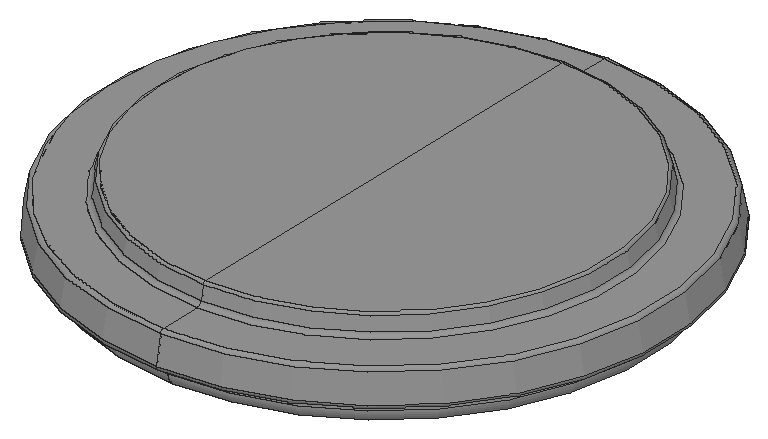
Revit family "FMK12_63_UN_Surface-mounted_ETK", category Lighting Fixtures, Revit 2017 (continued)
Definition of nested family "FMK.1 - Lightsource"
  Types (13, lengths in mm): name | Wattage Comments | Photometric Web File | built-in parameter 1150142 | Apparent Load
      5.4487\r\n276.7221\t257.9909\t237.4332\t217.2268\t197.2976\t177.8843\t157.7872\t138.6506\t119.9505\t100.9249\r\n82.987\t66.0677\t14.47\t0\t0\t0\r\n604.9325\t604.5584\t603.0879\t601.1508\t598.5185\t594.9186\t590.6391\t585.3751\t579.3165\t572.4837\r\n564.9469\t556.5987\t547.5194\t537.685\t527.3395\t516.7057\t504.9047\t492.1707\t478.1271\t463.8484\r\n448.9665\t433.7524\t417.9986\t401.8529\t385.1715\t368.3446\t351.4028\t333.147\t313.7228\t294.4856\r\n275.2731\t256.1445\t237.316\t216.8492\t196.4747\t176.5442\t157.2377\t137.5478\t118.9004\t100.3985\r\n82.3134\t65.4455\t55.1323\t0\t0\t0\r\n604.9325\t604.5433\t603.3225\t601.1064\t598.4354\t594.7731\t590.3173\t585.098\t579.0797\t572.1766\r\n564.6071\t556.1859\t547.081\t537.2398\t526.6482\t515.4957\t503.7296\t491.745\t478.4953\t464.4776\r\n448.9829\t433.6134\t417.6598\t401.2469\t384.1387\t366.9918\t349.3881\t331.6485\t313.6629\t294.2241\r\n274.5265\t254.9012\t235.3516\t216.0467\t196.5265\t175.8547\t156.0522\t137.0014\t117.7749\t99.6932\r\n81.7729\t64.8345\t49.3378\t0\t0\t0\r\n604.9325\t604.5271\t603.3032\t601.0701\t598.3654\t594.6491\t590.1215\t584.7542\t578.8145\t571.898\r\n564.2988\t555.7883\t546.6569\t536.7664\t526.1773\t514.9361\t502.9375\t490.4265\t477.2784\t464.0283\r\n449.3533\t434.0958\t417.8096\t401.016\t383.7266\t366.2957\t348.4007\t330.2839\t311.8195\t293.1788\r\n274.555\t254.527\t234.348\t214.5879\t194.928\t175.8985\t155.5638\t135.8975\t117.155\t98.5499\r\n81.2595\t64.2084\t48.8598\t7.0657\t0\t0\r\n604.9325\t604.5096\t603.2784\t601.0424\t598.3097\t594.5477\t589.9606\t584.5414\t578.4482\t571.608\r\n563.9594\t555.3996\t546.2593\t536.3041\t525.6497\t514.3962\t502.4141\t489.7664\t476.4029\t462.5786\r\n448.0398\t433.0915\t418.0577\t401.3922\t384.1366\t366.1992\t348.0979\t329.6668\t310.9131\t291.9004\r\n272.744\t253.4824\t234.1877\t214.0316\t193.775\t173.9598\t154.8443\t135.6589\t116.2289\t97.8298\r\n80.0295\t63.4921\t48.2305\t34.936\t0\t0\r\n604.9325\t604.4906\t603.2478\t601.2803\t598.2688\t594.4695\t589.8358\t584.3814\t578.2247\t571.2493\r\n563.5271\t555.0451\t545.8679\t535.8603\t525.1757\t513.8836\t501.871\t489.1433\t475.8417\t461.8368\r\n447.2679\t432.0274\t416.5009\t400.0073\t383.2616\t366.3726\t348.5214\t330.0774\t310.8253\t291.5128\r\n272.035\t252.2821\t232.6407\t212.8798\t193.2781\t173.4395\t153.4804\t134.3364\t116.0668\t97.2\r\n79.2416\t62.4646\t47.4631\t33.5133\t0\t0\r\n604.9325\t604.4703\t603.2116\t601.2411\t598.5166\t594.4157\t589.7477\t584.274\t578.0648\t571.0564\r\n563.2525\t554.6583\t545.4211\t535.3541\t524.7361\t513.4205\t501.3551\t488.6147\t475.2745\t461.193\r\n446.5744\t431.3412\t415.6511\t399.1668\t382.278\t364.8935\t347.109\t328.9881\t310.4447\t291.7072\r\n272.4757\t252.2606\t232.2751\t212.1161\t191.9979\t172.222\t152.6751\t133.6736\t114.4712\t96.2985\r\n79.2\t61.7213\t46.3352\t30.5861\t2.7832\t0\r\n604.9325\t604.4487\t603.1693\t601.1876\t598.4603\t594.6385\t589.9678\t584.5139\t577.9711\t570.9456\r\n563.0797\t554.4745\t545.1762\t535.0443\t524.3111\t512.96\t500.8221\t488.1002\t474.7163\t460.6519\r\n445.9947\t430.7439\t414.9606\t398.5261\t381.5143\t364.1378\t346.2393\t328.0457\t309.3298\t290.2564\r\n271.0121\t251.3312\t231.6882\t211.9743\t192.2844\t172.4111\t152.2798\t132.702\t113.7176\t95.3929\r\n77.7571\t61.1156\t45.5789\t26.7123\t15.0206\t0\r\n604.9325\t604.4257\t603.1214\t601.1197\t598.376\t594.5431\t589.8686\t584.4373\t578.1813\t571.1696\r\n563.2668\t554.6915\t545.3505\t535.1843\t524.1648\t512.8008\t500.5868\t487.89\t474.4515\t460.278\r\n445.5862\t430.3323\t414.5182\t397.9934\t380.8221\t363.4557\t345.5267\t327.2817\t308.5319\t289.4587\r\n270.127\t250.3982\t230.6065\t210.7975\t190.5506\t170.8379\t151.2851\t132.0397\t113.3713\t95.4283\r\n77.5355\t60.4175\t45.5245\t22.783\t11.8877\t0\r\n604.9325\t604.4014\t603.0678\t601.0376\t598.264\t594.4044\t589.7068\t584.2658\t577.9867\t570.9757\r\n563.0442\t554.4872\t545.1275\t534.9651\t524.2246\t512.882\t500.6187\t487.9897\t474.5344\t460.3474\r\n445.6646\t430.439\t414.623\t398.0399\t380.7488\t363.3986\t345.4701\t327.1757\t308.3973\t289.2412\r\n269.9199\t250.2091\t230.3921\t210.5042\t190.5692\t170.6931\t151.1594\t131.7673\t112.9299\t94.5881\r\n76.9076\t60.112\t45.0279\t27.0286\t9.6311\t7.6483\r\n604.9325\t604.3759\t603.0084\t600.9412\t598.124\t594.2226\t589.4823\t583.9989\t577.6703\t570.6249\r\n562.6312\t554.0383\t544.615\t534.4128\t523.3303\t511.8827\t499.6032\t486.8945\t473.379\t459.1716\r\n444.447\t429.1313\t413.2983\t396.6863\t379.4714\t362.0792\t344.0455\t325.7707\t306.8732\t287.9397\r\n268.4905\t248.7792\t228.9235\t208.976\t188.8762\t169.0915\t149.5412\t130.307\t111.7095\t93.7095\r\n75.8594\t58.8926\t44.026\t24.9142\t12.7626\t0\r\n604.9325\t604.3491\t602.9434\t600.8307\t597.9567\t593.9983\t589.1954\t583.6374\t576.9499\t569.8568\r\n561.8084\t553.1696\t543.7065\t533.5014\t522.6434\t511.1217\t498.8636\t486.1079\t472.5802\t458.4416\r\n443.7228\t428.3584\t412.519\t395.9142\t378.8014\t361.382\t343.2832\t325.0317\t306.0946\t287.1683\r\n267.7345\t248.067\t228.3349\t208.5719\t188.922\t168.9512\t148.8897\t129.3596\t110.4457\t92.1897\r\n74.6666\t58.1911\t43.6041\t25.4889\t14.7118\t0\r\n604.9325\t604.321\t602.8732\t600.7066\t597.7625\t593.4555\t588.5912\t582.9617\t576.5349\t569.4237\r\n561.3509\t552.699\t543.2196\t533.0344\t522.242\t510.6583\t498.432\t485.6232\t472.085\t457.8674\r\n443.1238\t427.7399\t411.9617\t395.2552\t378.1904\t360.685\t342.6792\t324.4805\t305.7442\t286.9867\r\n267.5493\t247.3236\t227.2422\t207.0117\t186.8984\t167.1289\t147.607\t128.6542\t109.6219\t91.5686\r\n74.5654\t57.4716\t43.021\t27.7846\t2.5248\t0\r\n604.9325\t604.2919\t602.7977\t600.5691\t597.2642\t593.1928\t588.2942\t582.6298\t576.1886\t569.0731\r\n561.0018\t552.4381\t542.9442\t532.7591\t521.8457\t510.2154\t497.9723\t485.1383\t471.6045\t457.3841\r\n442.6041\t427.217\t411.5012\t394.7803\t377.8035\t360.7021\t342.6902\t324.0667\t304.5578\t285.154\r\n265.5148\t245.6447\t225.9156\t206.0001\t186.3854\t166.628\t146.7681\t127.7474\t109.5852\t91.0031\r\n73.2615\t56.8556\t42.3856\t28.9154\t0\t0\r\n604.9325\t604.2617\t602.7174\t600.1575\t597.0585\t592.9572\t588.0346\t582.3501\t575.91\t568.8992\r\n560.8225\t552.1243\t542.5982\t532.4005\t521.4708\t509.8288\t497.5519\t484.7125\t471.1209\t456.9536\r\n442.2012\t427.0651\t411.7943\t394.8578\t377.2968\t359.0608\t340.7356\t322.097\t303.0689\t283.9286\r\n264.5951\t245.1465\t225.7535\t205.5061\t185.2214\t165.5278\t146.4993\t127.474\t108.2339\t90.109\r\n72.5842\t56.4938\t42.1707\t29.3631\t0\t0\r\n604.9325\t604.2306\t602.6322\t600.0115\t596.8707\t592.7484\t587.812\t582.1232\t575.7826\t568.6374\r\n560.5537\t551.8047\t542.2444\t532.0161\t521.1001\t509.4521\t497.1336\t484.3221\t470.9094\t457.2702\r\n442.3573\t426.8157\t410.175\t393.076\t375.4255\t357.6573\t339.5612\t321.1252\t302.4491\t283.5515\r\n264.6943\t244.5977\t224.3093\t204.516\t184.8175\t165.8131\t145.6325\t126.1903\t107.6436\t89.3056\r\n72.2152\t56.2192\t41.802\t5.8477\t0\t0\r\n604.9325\t604.1984\t602.5428\t599.8759\t596.7009\t592.5661\t587.6259\t582.0288\t575.5588\t568.3431\r\n560.3078\t551.4936\t541.918\t531.6799\t520.6784\t509.0807\t497.0071\t484.619\t471.0275\t456.5955\r\n440.7773\t424.9147\t408.6153\t391.9435\t374.3648\t356.8729\t339.0738\t320.888\t302.7006\t282.9652\r\n263.1976\t243.4392\t223.6803\t204.304\t184.8139\t164.2859\t144.6019\t125.6638\t106.7368\t88.9169\r\n71.7798\t55.8455\t41.2336\t0\t0\t0\r\n604.9325\t604.1654\t602.1984\t599.751\t596.5492\t592.4098\t587.5663\t581.8713\t575.3548\t568.0817\r\n560.0442\t551.1829\t541.6018\t531.3184\t520.4884\t509.3827\t497.2815\t484.0025\t469.5392\t454.8807\r\n439.5116\t423.7455\t407.6028\t391.162\t373.9279\t356.7322\t339.4153\t320.7873\t301.2671\t281.7589\r\n262.378\t243.017\t224.0712\t203.4907\t183.2079\t163.3375\t144.1874\t124.7147\t106.2756\t88.4044\r\n71.2995\t55.37\t44.7197\t0\t0\t0\r\n604.9325\t604.1317\t602.1129\t599.6372\t596.4157\t592.3859\t587.3951\t581.6922\t575.1349\t567.8233\r\n559.7735\t550.7814\t541.2689\t531.1872\t520.8219\t509.1315\t496.4226\t482.3474\t468.3274\t453.7764\r\n438.603\t423.039\t407.124\t390.762\t374.0304\t356.955\t338.1426\t319.2702\t300.2728\t281.2389\r\n262.2388\t243.2836\t222.6194\t202.306\t182.3924\t163.035\t143.1366\t124.1994\t105.8336\t87.7967\r\n70.7723\t54.7046\t11.5599\t0\t0\t0\r\n604.9325\t604.0975\t602.033\t599.5342\t596.3004\t592.2404\t587.2388\t581.5154\t574.9143\t567.569\r\n559.3901\t550.5552\t541.2123\t531.4748\t520.4156\t507.8107\t494.859\t481.3089\t467.3975\t452.9318\r\n438.0372\t422.7691\t407.025\t391.0991\t373.8573\t355.346\t337.0135\t318.5296\t299.8812\t281.2909\r\n262.3027\t241.7297\t221.4854\t201.617\t182.1371\t161.9674\t142.593\t123.9131\t105.1305\t87.2021\r\n70.1622\t53.9551\t0\t0\t0\t0\r\n604.9325\t604.0626\t601.9588\t599.4427\t596.3201\t592.1193\t587.0871\t581.3395\t574.6941\t567.3193\r\n559.1974\t550.477\t541.5473\t530.9977\t519.0905\t506.765\t493.8707\t480.5702\t466.7289\t452.4544\r\n437.8106\t422.7648\t407.3444\t389.987\t372.3299\t354.4291\t336.4151\t318.2804\t300.3326\t281.1384\r\n260.7211\t240.7052\t221.0093\t201.4727\t181.0539\t161.3248\t142.3279\t123.1598\t104.4957\t86.6464\r\n69.558\t57.7051\t0\t0\t0\t0\r\n604.9325\t604.0272\t601.8904\t599.3882\t596.237\t592.0006\t586.9406\t581.1632\t574.4747\t566.9997\r\n559.073\t550.8158\t541.1454\t529.7416\t518.149\t505.9054\t493.157\t480.018\t466.3384\t452.3643\r\n437.9112\t422.9979\t406.1187\t388.9214\t371.496\t353.9348\t336.2188\t318.724\t299.4663\t279.56\r\n259.8369\t240.2784\t220.9329\t200.4813\t180.3908\t160.9421\t141.6885\t122.4909\t103.9808\t86.1452\r\n68.9426\t35.5201\t0\t0\t0\t0\r\n604.9325\t603.9917\t601.8278\t599.3206\t596.1556\t591.8844\t586.7978\t580.9865\t574.1458\t566.8553\r\n559.4036\t550.5172\t539.9315\t528.8512\t517.367\t505.2617\t492.6816\t479.6991\t466.2194\t452.4751\r\n438.05\t421.6244\t405.0853\t388.1373\t371.032\t353.8353\t336.757\t317.784\t298.2127\t278.7079\r\n259.3309\t240.3321\t219.939\t199.6844\t179.9696\t160.7126\t140.9902\t121.943\t103.488\t85.6436\r\n68.3574\t0\t0\t0\t0\t0\r\n604.9325\t603.9559\t601.7714\t599.2628\t596.0752\t591.771\t586.6658\t580.8024\t573.989\t566.7804\r\n559.2504\t549.8741\t539.0878\t528.1304\t516.7365\t504.7959\t492.3897\t479.5813\t466.3433\t452.6497\r\n436.8272\t420.6891\t404.3399\t387.7338\t370.9749\t354.3891\t335.8421\t316.6009\t297.4159\t278.2527\r\n259.3978\t239.328\t219.0886\t199.1929\t179.808\t159.923\t140.4269\t121.457\t103.048\t85.1848\r\n73.7131\t0\t0\t0\t0\t0\r\n604.9325\t603.6792\t601.7517\t599.3411\t595.9954\t591.6566\t586.5673\t580.5284\t573.8931\t567.1365\r\n558.8682\t548.733\t538.4005\t527.5784\t516.2664\t504.4955\t492.3035\t479.6753\t466.706\t451.4882\r\n436.0948\t420.0364\t403.9109\t387.6235\t371.4864\t353.8754\t334.7111\t315.7739\t296.8941\t278.1566\r\n258.9491\t238.4036\t218.4493\t198.8345\t179.1952\t159.3202\t139.916\t121.0317\t102.6407\t84.7143\r\n55.9271\t0\t0\t0\t0\t0\r\n604.9325\t603.6444\t601.7066\t599.2965\t595.915\t591.5536\t586.4411\t580.3913\t573.8543\t566.9618\r\n558.2996\t548.0726\t537.8747\t527.1113\t515.9263\t504.3672\t492.3683\t480.1405\t465.7028\t450.6329\r\n435.3552\t419.8082\t403.764\t387.8078\t371.2229\t352.4897\t333.8151\t315.2532\t296.7183\t278.1081\r\n257.8104\t237.7622\t218.0438\t198.6801\t178.511\t158.7677\t139.4922\t120.6463\t102.238\t84.2517\r\n9.0057\t0\t0\t0\t0\t0\r\n604.9325\t603.6112\t601.6661\t599.2512\t595.8331\t591.4531\t586.3125\t580.2933\t574.2613\t566.6412\r\n557.2567\t547.549\t537.3916\t526.7388\t515.7334\t504.3886\t492.9019\t479.7342\t464.8479\t450.0077\r\n434.9476\t419.8855\t404.0538\t388.151\t369.9169\t351.5873\t333.3553\t314.9504\t296.9003\t276.9796\r\n257.0176\t237.3436\t217.8318\t197.9694\t177.9387\t158.3111\t139.083\t120.2864\t101.8575\t92.1859\r\n0\t0\t0\t0\t0\t0\r\n604.9325\t603.5799\t601.6303\t599.2045\t595.7076\t591.3592\t586.075\t580.2215\t574.1924\t566.1884\r\n556.6737\t547.074\t536.9561\t526.5217\t515.6669\t504.5312\t492.7859\t478.611\t464.16\t449.5853\r\n434.7567\t419.7662\t405.0918\t387.0371\t369.0209\t351.0423\t333.0336\t315.092\t295.9783\t276.1604\r\n256.4894\t237.0057\t217.711\t197.3492\t177.4313\t157.8872\t138.7311\t119.935\t101.4702\t81.0181\r\n0\t0\t0\t0\t0\t0\r\n604.9325\t603.5503\t601.5987\t599.1561\t595.626\t591.2727\t585.9368\t580.2006\t574.0102\t565.255\r\n556.1655\t546.6769\t536.6806\t526.4567\t515.7097\t505.0175\t491.8244\t477.8494\t463.7019\t449.2876\r\n434.7564\t420.4081\t404.4637\t386.432\t368.4467\t350.6538\t332.9546\t315.1229\t295.2701\t275.5419\r\n256.1209\t237.0123\t216.9386\t196.7955\t177.0266\t157.531\t138.3961\t119.5772\t101.0781\t55.7879\r\n0\t0\t0\t0\t0\t0\r\n604.9325\t603.5226\t601.5713\t599.1055\t595.5514\t591.1944\t585.8477\t580.6059\t573.7272\t564.7673\r\n555.7208\t546.3592\t536.5629\t526.4185\t515.8861\t504.7419\t491.1491\t477.3368\t463.4233\t449.1905\r\n434.8749\t420.3926\t403.0738\t385.7604\t368.1941\t350.5999\t333.2448\t314.0673\t294.5401\t275.2079\r\n255.9181\t236.731\t216.3242\t196.3167\t176.6088\t157.1902\t138.0919\t119.2663\t100.7128\t7.9096\r\n0\t0\t0\t0\t0\t0\r\n604.9325\t603.5024\t601.5477\t599.0027\t595.4844\t591.1564\t585.7889\t580.586\t573.3397\t564.3588\r\n555.3625\t546.1066\t536.4848\t526.4232\t516.46\t503.7313\t490.508\t476.9971\t463.1504\t449.3158\r\n435.4961\t419.3363\t402.3059\t385.1301\t368.0536\t350.6767\t333.0603\t313.3187\t294.0528\t274.8627\r\n256.0518\t236.014\t215.808\t195.9092\t176.2577\t156.8869\t137.7744\t118.924\t107.573\t0\r\n0\t0\t0\t0\t0\t0\r\n604.9325\t603.478\t601.5279\t598.9535\t595.4258\t591.0829\t585.7607\t580.4663\t572.4844\t563.9941\r\n555.0829\t545.9216\t536.4706\t526.6157\t516.2842\t503.1403\t489.9858\t476.7762\t463.1632\t449.3988\r\n435.4082\t418.4666\t401.6939\t384.809\t367.7873\t351.0202\t332.0189\t312.8252\t293.7031\t274.7409\r\n255.7909\t235.4313\t215.3913\t195.5619\t175.9593\t156.6095\t137.5086\t118.6259\t93.5654\t0\r\n0\t0\t0\t0\t0\t0\r\n604.9325\t603.4551\t601.5115\t598.9106\t595.3758\t590.8939\t585.7709\t580.2702\t572.0798\t563.6729\r\n554.8743\t545.7915\t536.5093\t527.239\t515.7758\t502.6755\t489.6308\t476.5517\t463.3214\t450.0742\r\n434.4062\t417.8556\t401.204\t384.5694\t367.8901\t350.6145\t331.3568\t312.4071\t293.4519\t274.8857\r\n255.1354\t234.9506\t214.9788\t195.2372\t175.7164\t156.3939\t137.2684\t118.3542\t70.2991\t0\r\n0\t0\t0\t0\t0\t0\r\n604.9325\t603.4339\t601.4981\t598.8743\t595.3693\t590.8219\t585.8012\t579.9783\t571.7294\t563.3978\r\n554.7414\t545.7491\t536.5989\t527.245\t514.8542\t502.254\t489.435\t476.4383\t463.4252\t450.1235\r\n433.6687\t417.3734\t400.9511\t384.4656\t368.2234\t349.7336\t330.8127\t312.0244\t293.3418\t274.7228\r\n254.5352\t234.5186\t214.663\t194.959\t175.4554\t156.1442\t137.0471\t118.1035\t19.0545\t0\r\n0\t0\t0\t0\t0\t0\r\n604.9325\t603.4142\t601.6163\t598.8454\t595.3189\t590.7169\t586.228\t579.6856\t571.4422\t563.1606\r\n554.6359\t545.7802\t536.7262\t527.004\t514.4202\t501.893\t489.3259\t476.5043\t463.9917\t449.6199\r\n433.2001\t416.9985\t400.7919\t384.5465\t367.964\t349.0736\t330.4515\t311.843\t293.2609\t274.3654\r\n254.0721\t234.1043\t214.3191\t194.7189\t175.2644\t155.9641\t136.8284\t127.44\t0.8256\t0\r\n0\t0\t0\t0\t0\t0\r\n604.9325\t603.3959\t601.5958\t598.824\t595.2654\t590.6658\t586.2393\t578.987\t571.1614\t562.9789\r\n554.5537\t545.8944\t537.3116\t526.1436\t514.0547\t501.6983\t489.2117\t476.6618\t464.074\t448.5062\r\n432.723\t416.8038\t400.7754\t385.0445\t367.1413\t348.6211\t330.0914\t311.6944\t293.5155\t273.6725\r\n253.6465\t233.79\t214.0612\t194.4807\t175.0633\t155.7882\t136.6493\t117.5353\t0\t0\r\n0\t0\t0\t0\t0\t0\r\n604.9325\t603.3793\t601.5872\t598.8105\t595.2101\t590.6325\t586.182\t578.7254\t570.875\t562.8655\r\n554.5217\t546.0169\t537.3617\t525.6545\t513.7252\t501.581\t489.2289\t476.8143\t463.9001\t448.0007\r\n432.3179\t416.6176\t400.8204\t385.0398\t366.6709\t348.2612\t329.9337\t311.6354\t293.3024\t273.2371\r\n253.3363\t233.5297\t213.8389\t194.3095\t174.9111\t155.6259\t136.4696\t101.5487\t0\t0\r\n0\t0\t0\t0\t0\t0\r\n604.9325\t603.3641\t601.5801\t598.8331\t595.1315\t590.6137\t586.0804\t578.487\t570.6665\t562.7608\r\n554.5332\t546.1336\t537.3181\t525.3185\t513.4082\t501.4893\t489.3584\t477.4559\t463.01\t447.6105\r\n432.0987\t416.5061\t400.931\t384.7262\t366.2377\t348.0214\t329.8202\t311.6817\t293.0359\t272.855\r\n252.9846\t233.2859\t213.6869\t194.1907\t174.796\t155.5142\t136.3398\t80.7347\t0\t0\r\n0\t0\t0\t0\t0\t0\r\n604.9325\t603.3502\t601.5746\t598.8264\t595.0882\t590.6008\t585.9286\t578.3051\t570.5246\t562.6362\r\n554.6075\t546.3098\t537.0792\t525.0613\t513.2531\t501.3561\t489.4926\t477.5967\t462.5345\t447.256\r\n431.9436\t416.5695\t401.424\t383.9417\t365.8692\t347.8299\t329.7853\t311.9692\t292.3903\t272.5405\r\n252.7811\t233.1154\t213.5333\t194.0453\t174.6839\t155.431\t150.2586\t29.2061\t0\t0\r\n0\t0\t0\t0\t0\t0\r\n604.9325\t603.3378\t601.5706\t598.8203\t595.055\t590.6078\t585.7655\t578.1122\t570.4127\t562.5739\r\n554.6736\t546.923\t536.3276\t524.8226\t513.1645\t501.4036\t489.5432\t477.5045\t462.1937\t447.0308\r\n431.8282\t416.622\t401.4545\t383.5728\t365.6095\t347.6741\t329.7802\t311.9534\t292.0872\t272.2819\r\n252.5716\t232.9639\t213.4378\t193.9889\t174.6452\t155.374\t147.8321\t12.1507\t0\t0\r\n0\t0\t0\t0\t0\t0\r\n604.9325\t603.3266\t601.5681\t598.8152\t594.9133\t590.6359\t585.5832\t577.9208\t570.3524\t562.5734\r\n554.7119\t547.0357\t536.0482\t524.6097\t513.0999\t501.5025\t489.8006\t477.1124\t461.8898\t446.8692\r\n431.8333\t416.768\t401.2684\t383.2146\t365.4085\t347.6008\t329.8404\t311.7539\t291.7771\t272.086\r\n252.4588\t232.8794\t213.3666\t193.9448\t174.6141\t155.3429\t141.4974\t0\t0\t0\r\n0\t0\t0\t0\t0\t0\r\n604.9325\t603.3169\t601.5671\t598.8117\t594.8818\t591.1273\t585.3598\t577.7232\t570.2807\t562.5989\r\n554.8126\t547.0015\t535.83\t524.465\t513.0578\t501.589\t490.423\t476.4322\t461.5541\t446.7712\r\n431.8675\t416.9077\t401.0268\t382.9673\t365.2569\t347.5825\t330.1779\t311.2051\t291.528\t271.9059\r\n252.3343\t232.8122\t213.3482\t193.9567\t174.6259\t155.3412\t132.138\t0\t0\t0\r\n0\t0\t0\t0\t0\t0\r\n604.9325\t603.3083\t601.5674\t598.8104\t594.8673\t591.1701\t585.2094\t577.5682\t570.1843\t562.6627\r\n554.9593\t546.9296\t535.6142\t524.3936\t513.0698\t501.7034\t490.4952\t476.125\t461.4413\t446.6766\r\n431.941\t417.4522\t400.3522\t382.7423\t365.1753\t347.6066\t330.2627\t310.9633\t291.3402\t271.7576\r\n252.2371\t232.7679\t213.3529\t193.98
      05\t174.655\t155.392\t120.5846\t0\t0\t0\r\n0\t0\t0\t0\t0\t0\r\n604.9325\t603.301\t601.5729\t598.8117\t594.8652\t591.1802\t584.7817\t577.4234\t570.115\t562.6941\r\n555.1334\t546.8455\t535.414\t524.311\t513.1192\t501.8585\t490.4872\t475.8803\t461.3033\t446.6903\r\n432.0433\t417.4984\t400.1431\t382.6494\t365.1539\t347.6827\t330.3082\t310.7545\t291.1843\t271.6838\r\n252.2118\t232.7765\t213.3615\t194.0134\t174.7039\t155.4623\t107.4685\t0\t0\t0\r\n0\t0\t0\t0\t0\t0\r\n604.9325\t603.295\t601.5758\t598.815\t594.8775\t591.0866\t584.6864\t577.3564\t570.0567\t562.6969\r\n555.2743\t546.7564\t535.2798\t524.2414\t513.1816\t502.0442\t490.4343\t475.6998\t461.2244\t446.7248\r\n432.2027\t417.4698\t399.9233\t382.5455\t365.1657\t347.7926\t330.2732\t310.6261\t291.1251\t271.6527\r\n252.2115\t232.7878\t213.4222\t194.097\t174.8049\t155.5703\t93.4481\t0\t0\t0\r\n0\t0\t0\t0\t0\t0\r\n604.9325\t603.2899\t601.5794\t598.8194\t594.9418\t591.0742\t584.5693\t577.3871\t570.0555\t562.7489\r\n555.8198\t546.1678\t535.2586\t524.2031\t513.1736\t502.2212\t490.3579\t475.5739\t461.1807\t446.7922\r\n432.3827\t417.4173\t399.8059\t382.4972\t365.1975\t347.9267\t330.2362\t310.5297\t291.061\t271.6314\r\n252.2371\t232.8693\t213.5311\t194.2179\t174.9328\t171.7185\t45.2984\t0\t0\t0\r\n0\t0\t0\t0\t0\t0\r\n604.9325\t603.2861\t601.584\t598.8252\t594.9753\t591.0943\t584.3698\t577.3456\t570.1357\t562.8374\r\n555.948\t545.9919\t535.157\t524.3236\t513.3771\t502.7104\t490.0954\t475.5009\t461.2002\t446.861\r\n432.5413\t417.3169\t399.7448\t382.5143\t365.2808\t348.0578\t330.1391\t310.4433\t291.0463\t271.6788\r\n252.3192\t232.9808\t213.6587\t194.3487\t175.0684\t171.0217\t33.648\t0\t0\t0\r\n0\t0\t0\t0\t0\t0\r\n604.9325\t603.2625\t601.5896\t598.827\t595.0037\t591.2214\t584.3024\t577.2119\t570.1593\t562.9763\r\n556.0681\t545.9132\t535.0971\t524.2744\t513.5068\t503.075\t489.7052\t475.3925\t461.1855\t446.9933\r\n433.1038\t416.8265\t399.6833\t382.546\t365.4094\t348.5442\t329.827\t310.4438\t291.082\t271.7317\r\n252.4056\t233.1016\t213.7987\t194.5299\t175.2683\t169.3777\t24.3324\t0\t0\t0\r\n0\t0\t0\t0\t0\t0\r\n604.9325\t603.2615\t601.596\t598.8352\t595.0251\t591.2699\t584.3706\t577.1939\t570.0969\t563.0553\r\n556.1891\t545.8881\t535.1035\t524.3192\t513.5269\t503.0774\t489.5826\t475.518\t461.3551\t447.1746\r\n433.3333\t416.8315\t399.7183\t382.6093\t365.5275\t348.6962\t329.8198\t310.5032\t291.1764\t271.8584\r\n252.5502\t233.251\t213.9726\t194.7088\t175.459\t167.1137\t16.9707\t0\t0\t0\r\n0\t0\t0\t0\t0\t0\r\n604.9325\t603.2622\t601.6031\t598.8456\t595.0171\t591.2942\t584.3901\t577.314\t570.1518\t563.0717\r\n556.2009\t545.8527\t535.1549\t524.4332\t513.666\t503.1656\t489.5138\t475.4802\t461.4303\t447.3598\r\n433.5291\t416.847\t399.79\t382.7498\t365.7146\t348.8482\t329.8385\t310.5403\t291.2523\t271.9627\r\n252.7004\t233.4355\t214.176\t194.9373\t175.6974\t164.6684\t11.2593\t0\t0\t0\r\n0\t0\t0\t0\t0\t0\r\n604.9325\t603.2646\t601.6112\t598.8588\t595.0338\t591.2612\t584.3879\t577.3718\t570.3272\t563.2615\r\n556.2852\t545.793\t535.1346\t524.4705\t513.8326\t503.3305\t489.5538\t475.5472\t461.5574\t447.5699\r\n433.7714\t416.9852\t399.9416\t382.9159\t365.8972\t349.0221\t329.9274\t310.6684\t291.4172\t272.1539\r\n252.9058\t233.6517\t214.4029\t195.1719\t175.9351\t162.3065\t6.9335\t0\t0\t0\r\n0\t0\t0\t0\t0\t0\r\n604.9325\t603.2688\t601.6042\t598.8743\t595.0554\t591.2658\t584.3391\t577.3615\t570.4032\t563.3975\r\n556.467\t545.8941\t535.2238\t524.5394\t513.8971\t503.3683\t489.5458\t475.6066\t461.6554\t447.69\r\n433.8362\t416.9968\t400.0429\t383.0747\t366.1055\t349.2307\t330.0787\t310.8325\t291.5897\t272.3493\r\n253.125\t233.8923\t214.6626\t195.4409\t176.2297\t160.3062\t3.7832\t0\t0\t0\r\n0\t0\t0\t0\t0\t0\r\n604.9325\t603.2748\t601.6166\t598.8882\t595.0815\t591.2814\t584.3409\t577.3783\t570.4122\t563.4421\r\n556.5094\t545.9312\t535.3131\t524.6743\t514.0286\t503.4308\t489.5819\t475.67\t461.7554\t447.8511\r\n433.9937\t417.1143\t400.1816\t383.2592\t366.3259\t349.4303\t330.2479\t311.0259\t291.8055\t272.5971\r\n253.3801\t234.165\t214.9533\t195.7439\t176.5349\t158.8426\t1.6454\t0\t0\t0\r\n0\t0\t0\t0\t0\t0\r\n604.9325\t603.2825\t601.6324\t598.9104\t595.1185\t591.3218\t584.3739\t577.421\t570.4627\t563.5141\r\n556.5711\t545.9833\t535.3841\t524.7961\t514.1941\t503.6029\t489.7421\t475.8564\t461.9698\t448.0952\r\n434.2193\t417.3134\t400.3992\t383.4817\t366.5691\t349.6572\t330.4638\t311.261\t292.0591\t272.8589\r\n253.658\t234.4578\t215.2712\t196.0725\t176.8744\t158.063\t0.4063\t0\t0\t0\r\n0\t0\t0\t0\t0\t0" | 18 VA
